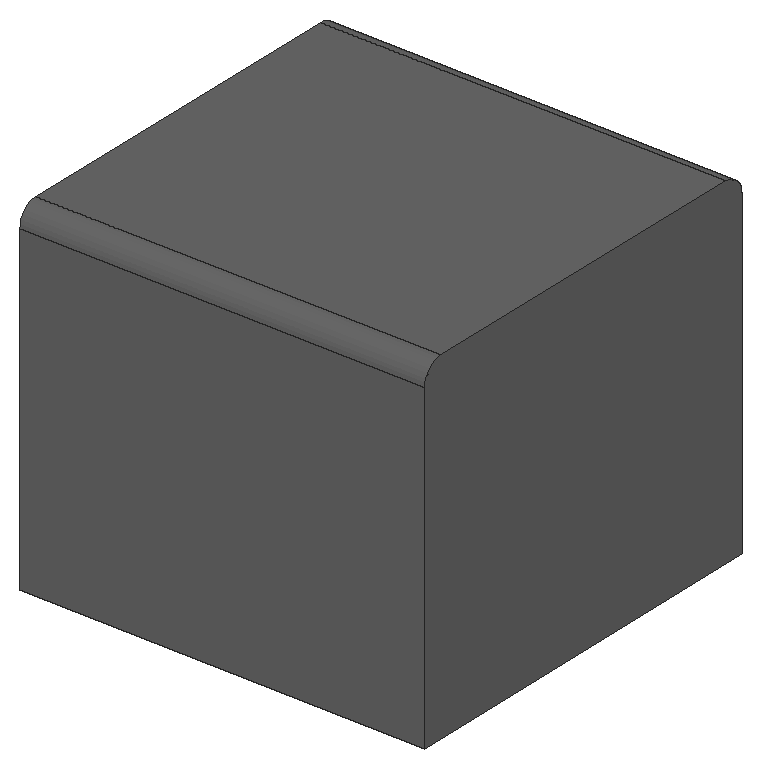
Revit family "Domotics-DomesticRanges-GEWISS-SYSTEM_CLIMATE-DAILY-WEEKLY_TIMER", category Apparecchi elettrici, host Superficie, Revit 2016
Family settings
  Host = Superficie
  Mantenere orientamento annotazione = Sì
  Tipo di parte = Normale
  Quota connettore circolare = Usa diametro
  Taglio con vuoti quando caricato = Sì
  Condiviso = Sì
  Punto di calcolo locali = Sì
Parameters (values of type "GW21825 - Dly/wkly electronic timer 1channel b")
  Volt = 230 V
  Vista in pianta [instance] = yes
  Version file RFA = "19.4"
  URL = "https://www.gewiss.com/ww/en"
  Technical sheet = "https://www.gewiss.com/ww/en/search?q=GW21825"
  TIPO = System Programmatore_GENERICO : GW21825 Programmatore elettronico giornaliero/settimanale 1 canale 230V nero
  Supply voltage = "230 V ac - 50/60 Hz"
  Simbolo [instance] = yes
  Shape = "Aligned vertical"
  SEO = "Programmer"
  Realized by GEWISS S.p.A. = ""
  Default Elevation = 1219.2 mm
  Produttore = "GEWISS S.p.A."
  Output contacts = "1NO/NC 8A(AC1)/4A(AC15) 250V ac"
  Offset presa [instance] = 0 mm
  Offset bidimensionale [instance] = 39 mm
  No. SYSTEM modules = "2"
  N. poli = 1
  Modello = "GW21825"
  Immagine tipo = GW21825.jpg
  IFC.TypeObject = ""
  IFC.ExportType = ""
  IFC.ExportAs = ""
  IDT = "13de42dd-8a5e-4a41-bce1-4adb09ffc7f1"
  IDF = "3da45d71-4361-468b-99e1-3980742295c6"
  Electrocod = "0141"
  EAN code = "8011564439818"
  Distanza_x [instance] = 0 mm
  Distanza_effettiva_y [instance] = 100 mm
  Distanza_effettiva_x [instance] = 1000 mm - Distanza_x  # 1000 mm
  Distanza orizzontale del simbolo [instance] = 48.986 mm
  Distanza dal muro [instance] = 4.208 mm
  Descrizione = "DLY/WKLY ELECTRONIC TIMER 1CHANNEL B"
  Description. = "Programmer"
  Colour = "Black"
  Catalogue Range = "SYSTEM - DOMESTIC RANGE"
  Catalogue = "DOMOTICS"
  Carico apparente = 0 VA
  COBie.Tagnumber = ""
  COBie.CreatedOn = ""
  COBie.CreatebBy = ""
  COBie.ComponentRegisterItemID = ""
  COBie.Component.TagNumber = ""
  COBie.Component.Space = ""
  COBie.Component.SerialNumber = ""
  COBie.Component.InstallationDate = ""
  COBie.Component.Description = ""
  COBie.Component.BarCode = ""
Types (2, lengths in mm): name | Technical sheet | TIPO | Shape | Modello | Immagine tipo | IDT | EAN code | Descrizione | Colour
  GW20825 - Dly/wkly electronic timer 1channel w | "https://www.gewiss.com/ww/en/search?q=GW20825" | System Programmatore_GENERICO : GW20825 Programmatore elettronico giornaliero/settimanale 1 canale 230V bianco | "Parallel horizontal" | "GW20825" | GW20825.jpg | "e1af1bd4-8086-4d62-bc87-56e2281110c1" | "8011564439801" | "DLY/WKLY ELECTRONIC TIMER 1CHANNEL W" | "White"
  GW21825 - Dly/wkly electronic timer 1channel b | "https://www.gewiss.com/ww/en/search?q=GW21825" | System Programmatore_GENERICO : GW21825 Programmatore elettronico giornaliero/settimanale 1 canale 230V nero | "Aligned vertical" | "GW21825" | GW21825.jpg | "13de42dd-8a5e-4a41-bce1-4adb09ffc7f1" | "8011564439818" | "DLY/WKLY ELECTRONIC TIMER 1CHANNEL B" | "Black"
Reference planes
  plane 1 "Centro (Fronte/Retro)": y = 0
  plane 2: z = 0
  plane 3 "Centro (Sinistra/Destra)": x = 0
  plane 4: x = -1000
  plane 5: x = 0
  plane 6: y = 100
  plane 7: z = 0
  plane 8: z = 39
Lines and regions (mm)
  Masking region 1, visible <- "Vista in pianta"
    outline origin (0, 0, 0) x (1, 0, 0) y (0, 1, 0)
      loop
        line (-23, 22.5) -> (-23, -22.5) -> (23, -22.5) -> (23, 22.5) -> (-23, 22.5)
      loop
        line (-21.103, 18.709) -> (-21.103, -8.591) -> (21.103, -8.591) -> (21.103, 18.709) -> (-21.103, 18.709)
      loop
        line (-18.523, -19.666) -> (-9.997, -19.666) -> (-9.997, -11.139) -> (-18.523, -11.139) -> (-18.523, -19.666)
      loop
        line (-9.017, -19.666) -> (-0.49, -19.666) -> (-0.49, -11.139) -> (-9.017, -11.139) -> (-9.017, -19.666)
      loop
        line (9.017, -19.666) -> (9.017, -11.139) -> (0.49, -11.139) -> (0.49, -19.666) -> (9.017, -19.666)
      loop
        line (9.997, -11.139) -> (9.997, -19.666) -> (18.523, -19.666) -> (18.523, -11.139) -> (9.997, -11.139)
  Masking region 2, visible <- "Vista in pianta"
    outline origin (0, 0, 0) x (0, 1, 0) y (0, 0, 1)
      loop
        line (-22.5, 39) -> (-22.5, 0) -> (22.5, 0) -> (22.5, 39) -> (-22.5, 39)
  Masking region 3, visible <- "Vista in pianta"
    outline origin (0, 0, 0) x (1, 0, 0) y (0, 0, 1)
      loop
        line (-23, 39) -> (-23, 0) -> (23, 0) -> (23, 39) -> (-23, 39)
Dimensions and locks
  plane 4 to plane 3 "Centro (Sinistra/Destra)" = 1000 mm
  "Distanza_effettiva_x": plane 4 to plane 5
  "Distanza_effettiva_y": plane 6 to plane 1 "Centro (Fronte/Retro)"
  "Offset presa": plane 7 to host face
  "Offset bidimensionale": plane 8 to host face
  aligned and locked: plane 2 to host face
  aligned and locked: level to host face
  aligned and locked: plane 3 "Centro (Sinistra/Destra)" to nested 1
  aligned and locked: plane 1 "Centro (Fronte/Retro)" to nested 1
  aligned and locked: plane 5 to nested 2
  aligned and locked: nested 2 to plane 6
  aligned and locked: Masking region 1 sketch curve to nested 1  (x4)
  aligned and locked: Masking region 2 sketch curve to nested 1  (x4)
  aligned and locked: Masking region 3 sketch curve to nested 1  (x4)
  aligned and locked: plane 8 to import instance
  aligned and locked: nested 1 to plane 7
Automatic sketch dimensions
  host sketch curve to host sketch curve = 2438.4 mm  (x2)
  Masking region 1 sketch curve to Masking region 1 sketch curve = 1.897 mm  (x2)
  Masking region 1 sketch curve to Masking region 1 sketch curve = 3.791 mm
  Masking region 1 sketch curve to Masking region 1 sketch curve = 2.579 mm  (x2)
  Masking region 1 sketch curve to Masking region 1 sketch curve = 2.549 mm
  Masking region 1 sketch curve to Masking region 1 sketch curve = 8.526 mm  (x3)
  Masking region 1 sketch curve to Masking region 1 sketch curve = 2.834 mm
  Masking region 1 sketch curve to Masking region 1 sketch curve = 0.98 mm  (x2)
  Masking region 1 sketch curve to Masking region 1 sketch curve = 0 mm  (x6)
  Masking region 1 sketch curve to plane 3 "Centro (Sinistra/Destra)" = 0.49 mm
  plane 3 "Centro (Sinistra/Destra)" to Masking region 1 sketch curve = 0.49 mm
Nested families
  nested 1: "System Programmatore_GENERICO" at (0, 0, 0), type <- "TIPO", type "GW21825 Programmatore elettronico giornaliero/settimanale 1 canale 230V nero", detail levels medium+fine
  nested 2: "PROGRAMMAT" at (0, 100, 0), Distanza dal muro <- "Distanza dal muro", SIMBOLO <- "Simbolo", visible <- "Simbolo", type "PROGRAMMAT"
    with SIMBOLO yes, Distanza dal muro 4.208 mm, BORDO ACCESO yes
Connectors
  electrical at (0, 0, 0), driven by "N. poli", driven by "Volt", driven by "Carico apparente"
    settings: on nested 1, index 1, voltage 230 V, apparent load 0 VA, apparent load phase1 0 VA, apparent load phase2 0 VA, apparent load phase3 0 VA, power factor 1, load classification "Altro", number of poles 1, system type 31, power factor state 1, is connector primary yes, connector utility no, sub classification motor no, connector description ""
Definition of nested family "System Programmatore_GENERICO"
  Parameters (values of type "GW20825 Programmatore elettronico giornaliero/settimanale 1 canale 230V bianco")
    Profondità presa = 39 mm
    FINITURA = none
    Altezza da Terra = 900 mm
  Types (2): name
    GW20825 Programmatore elettronico giornaliero/settimanale 1 canale 230V bianco
    GW21825 Programmatore elettronico giornaliero/settimanale 1 canale 230V nero
  Reference planes
    plane 1 "Centro (Fronte/Retro)": y = 0
    plane 2: z = 0
    plane 3 "Centro (Sinistra/Destra)": x = 0
    plane 4: z = 39
  Forms (mm)
    Extrusion 1, solid, material <- "FINITURA"
      sketch origin (0, -922.5, 39) x (0, 0, -1) y (0, 1, 0)
        loop
          line (39, 945) -> (2.3, 945)
          arc (2.3, 945) -> (0.674, 944.326) -> (0, 942.7) r 2.3
          line (0, 942.7) -> (0, 902.3)
          arc (0, 902.3) -> (0.674, 900.674) -> (2.3, 900) r 2.3
          line (2.3, 900) -> (39, 900) -> (39, 945)
      from -23 to 23
  Lines and regions (mm)
    model lines
      curve 1: arc (-20.038, 18.709, 39) -> (-20.791, 18.397, 39) -> (-21.103, 17.644, 39) r 1.065
      curve 2: arc (-21.103, -7.567, 39) -> (-20.791, -8.279, 39) -> (-20.079, -8.591, 39) r 1.066
      curve 3: arc (21.103, 17.644, 39) -> (20.791, 18.397, 39) -> (20.038, 18.709, 39) r 1.065
      curve 4: arc (20.079, -8.591, 39) -> (20.82, -8.25, 39) -> (21.103, -7.485, 39) r 1.066
      curve 5: arc (-17.995, -11.139, 39) -> (-18.368, -11.294, 39) -> (-18.523, -11.668, 39) r 0.528
      curve 6: arc (-10.525, -19.666, 39) -> (-10.151, -19.511, 39) -> (-9.997, -19.138, 39) r 0.528
      curve 7: arc (-9.997, -11.668, 39) -> (-10.151, -11.294, 39) -> (-10.525, -11.139, 39) r 0.528
      curve 8: arc (-18.523, -19.158, 39) -> (-18.369, -19.511, 39) -> (-18.015, -19.666, 39) r 0.529
      curve 9: arc (-8.488, -11.139, 39) -> (-8.862, -11.294, 39) -> (-9.017, -11.668, 39) r 0.528
      curve 10: arc (-1.018, -19.666, 39) -> (-0.645, -19.511, 39) -> (-0.49, -19.138, 39) r 0.528
      curve 11: arc (-0.49, -11.668, 39) -> (-0.645, -11.294, 39) -> (-1.018, -11.139, 39) r 0.528
      curve 12: arc (-9.017, -19.158, 39) -> (-8.862, -19.511, 39) -> (-8.509, -19.666, 39) r 0.529
      curve 13: arc (1.018, -11.139, 39) -> (0.645, -11.294, 39) -> (0.49, -11.668, 39) r 0.528
      curve 14: arc (8.488, -19.666, 39) -> (8.862, -19.511, 39) -> (9.017, -19.138, 39) r 0.528
      curve 15: arc (9.017, -11.668, 39) -> (8.862, -11.294, 39) -> (8.488, -11.139, 39) r 0.528
      curve 16: arc (0.49, -19.158, 39) -> (0.645, -19.511, 39) -> (0.998, -19.666, 39) r 0.529
      curve 17: arc (10.525, -11.139, 39) -> (10.151, -11.294, 39) -> (9.997, -11.668, 39) r 0.528
      curve 18: arc (17.995, -19.666, 39) -> (18.368, -19.511, 39) -> (18.523, -19.138, 39) r 0.528
      curve 19: arc (18.523, -11.668, 39) -> (18.368, -11.294, 39) -> (17.995, -11.139, 39) r 0.528
      curve 20: arc (9.997, -19.158, 39) -> (10.151, -19.511, 39) -> (10.505, -19.666, 39) r 0.529
      curve 21: line (20.079, -8.591, 39) -> (-20.079, -8.591, 39)
      curve 22: line (-20.038, 18.709, 39) -> (20.038, 18.709, 39)
      curve 23: line (-21.103, -7.567, 39) -> (-21.103, 17.644, 39)
      curve 24: line (21.103, -7.485, 39) -> (21.103, 17.644, 39)
      curve 25: line (-10.525, -19.666, 39) -> (-18.015, -19.666, 39)
      curve 26: line (-9.997, -11.668, 39) -> (-9.997, -19.138, 39)
      curve 27: line (-17.995, -11.139, 39) -> (-10.525, -11.139, 39)
      curve 28: line (-18.523, -19.158, 39) -> (-18.523, -11.668, 39)
      curve 29: line (-1.018, -19.666, 39) -> (-8.509, -19.666, 39)
      curve 30: line (-0.49, -11.668, 39) -> (-0.49, -19.138, 39)
      curve 31: line (-8.488, -11.139, 39) -> (-1.018, -11.139, 39)
      curve 32: line (-9.017, -19.158, 39) -> (-9.017, -11.668, 39)
      curve 33: line (8.488, -19.666, 39) -> (0.998, -19.666, 39)
      curve 34: line (9.017, -11.668, 39) -> (9.017, -19.138, 39)
      curve 35: line (1.018, -11.139, 39) -> (8.488, -11.139, 39)
      curve 36: line (0.49, -19.158, 39) -> (0.49, -11.668, 39)
      curve 37: line (17.995, -19.666, 39) -> (10.505, -19.666, 39)
      curve 38: line (18.523, -11.668, 39) -> (18.523, -19.138, 39)
      curve 39: line (10.525, -11.139, 39) -> (17.995, -11.139, 39)
      curve 40: line (9.997, -19.158, 39) -> (9.997, -11.668, 39)
      curve 41: line (-4.764, -14.095, 39) -> (-7.681, -16.72, 39)
      curve 42: line (-4.764, -14.095, 39) -> (-1.847, -16.72, 39)
      curve 43: line (4.743, -16.711, 39) -> (7.66, -14.086, 39)
      curve 44: line (4.743, -16.711, 39) -> (1.826, -14.086, 39)
  Dimensions and locks
    "Profondità presa": plane 4 to level
    aligned and locked: level to plane 2
    aligned and locked: Extrusion 1 to level
  Automatic sketch dimensions
    level to Extrusion 1 sketch curve = 0 mm
    level to Extrusion 1 sketch curve = 36.7 mm  (x2)
    Extrusion 1 sketch curve to Extrusion 1 sketch curve = 2.3 mm
    plane 1 "Centro (Fronte/Retro)" to Extrusion 1 sketch curve = 22.5 mm
    Extrusion 1 sketch curve to plane 1 "Centro (Fronte/Retro)" = 20.2 mm
    curve 37 to Extrusion 1 = 0.534 mm
    curve 33 to Extrusion 1 = 0.534 mm
    curve 29 to Extrusion 1 = 0.534 mm
    curve 25 to Extrusion 1 = 0.534 mm
    curve 16 to curve 36 = 0.508 mm
    curve 12 to curve 32 = 0.508 mm
    curve 8 to curve 28 = 0.508 mm
    curve 20 to curve 40 = 0.508 mm
    curve 25 to curve 8 = 0.528 mm
    curve 29 to curve 30 = 0.528 mm
    curve 25 to curve 6 = 0.528 mm
    curve 37 to curve 20 = 0.528 mm
    curve 37 to curve 38 = 0.528 mm
    curve 36 to curve 16 = 0.021 mm
    curve 12 to curve 12 = 0.021 mm
    curve 33 to curve 34 = 0.528 mm
    curve 43 to Extrusion 1 = 3.489 mm
    curve 41 to Extrusion 1 = 6.105 mm
    curve 20 to curve 17 = 7.47 mm
    curve 34 to curve 40 = 0 mm
    curve 17 to curve 19 = 0 mm
    curve 41 to curve 11 = 2.427 mm
    curve 11 to curve 36 = 0 mm
    curve 41 to curve 32 = 2.427 mm
    curve 7 to curve 9 = 0 mm
    curve 8 to curve 28 = 7.47 mm
    curve 5 to curve 27 = 0.528 mm
    curve 19 to curve 39 = 0.528 mm
    curve 9 to curve 31 = 0.528 mm
    curve 15 to curve 35 = 0.528 mm
    curve 27 to curve 21 = 2.549 mm
    curve 2 to curve 23 = 1.023 mm
    curve 21 to curve 4 = 1.065 mm
    curve 21 to curve 2 = 1.065 mm
    curve 4 to curve 24 = 0.041 mm
    Extrusion 1 to curve 24 = 2.556 mm
    Extrusion 1 to curve 23 = 2.556 mm
    curve 1 to curve 22 = 1.065 mm
    Extrusion 1 to curve 24 = 1.897 mm
    curve 4 to curve 21 = 1.023 mm
    Extrusion 1 to curve 38 = 4.477 mm
    curve 39 to curve 39 = 7.47 mm
    curve 20 to curve 20 = 0.528 mm
    curve 40 to curve 34 = 0.98 mm
    curve 14 to curve 44 = 3.745 mm
    curve 43 to curve 16 = 3.725 mm
    curve 43 to curve 13 = 3.725 mm
    curve 16 to curve 30 = 0.98 mm
    curve 11 to curve 42 = 3.745 mm
    curve 41 to curve 31 = 3.725 mm
    curve 12 to curve 12 = 0.528 mm
    curve 9 to curve 26 = 0.98 mm
    Extrusion 1 to curve 27 = 5.005 mm
    curve 8 to curve 8 = 0.528 mm
    Extrusion 1 to curve 2 = 2.962 mm
    curve 22 to curve 2 = 0 mm
    curve 12 to curve 41 = 2.418 mm
    curve 10 to curve 42 = 2.418 mm
    curve 44 to curve 13 = 2.418 mm
    curve 43 to curve 15 = 2.418 mm
    curve 15 to curve 43 = 0.828 mm
    curve 44 to curve 13 = 0.808 mm
    curve 10 to curve 42 = 0.828 mm
    curve 41 to curve 12 = 0.808 mm
Definition of nested family "PROGRAMMAT"
  Parameters (values of type "PROGRAMMAT")
    SIMBOLO [instance] = yes
    Distanza dal muro [instance] = 4.208 mm
    BORDO ACCESO [instance] = yes
  Reference planes
    plane 1: y = 0
    plane 2: x = 0
  Dimensions and locks
    aligned and locked: plane 1 to nested 1
  Nested families
    nested 1: "PROGRAMMAT_BASE" at (0, 0, 0), BORDO ACCESO <- "BORDO ACCESO", visible <- "SIMBOLO", type "PROGRAMMAT"
      with BORDO ACCESO yes
  Definition of nested family "PROGRAMMAT_BASE"
    Parameters (values of type "PROGRAMMAT")
      Distanza dal muro = 4.208 mm
      BORDO ACCESO [instance] = yes
    Reference planes
      plane 1: y = 0
      plane 2: x = 0
    Lines and regions (mm)
      detail lines, visible <- "BORDO ACCESO", not visible
        curve 1: line (-1.743, 9.208, 0) -> (2.057, 9.208, 0)
        curve 2: line (2.057, 9.208, 0) -> (2.057, 4.208, 0)
        curve 3: line (2.057, 4.208, 0) -> (-1.743, 4.208, 0)
        curve 4: line (-1.743, 4.208, 0) -> (-1.743, 9.208, 0)
        curve 5: line (-1.543, 9.008, 0) -> (1.857, 9.008, 0)
        curve 6: line (1.857, 9.008, 0) -> (1.857, 4.408, 0)
        curve 7: line (1.857, 4.408, 0) -> (-1.543, 4.408, 0)
        curve 8: line (-1.543, 4.408, 0) -> (-1.543, 9.008, 0)
      detail lines
        curve 9: line (-0.391, 1.577, 0) -> (-0.391, 1.309, 0)
        curve 10: line (-0.587, 1.309, 0) -> (-0.357, 1.309, 0)
        curve 11: circle (-0.391, 1.309, 0) r 0.341 normal (0, 0, 1)
        curve 12: line (-0.801, 1.83, 0) -> (0.801, 1.83, 0)
        curve 13: line (-0.801, 0.762, 0) -> (-0.801, 1.83, 0)
        curve 14: line (0.801, 0.762, 0) -> (-0.801, 0.762, 0)
        curve 15: line (0.801, 1.83, 0) -> (0.801, 0.762, 0)
        curve 16: line (0.045, 1.304, 0) -> (0.245, 1.304, 0)
        curve 17: line (0.531, 1.309, 0) -> (0.705, 1.309, 0)
        curve 18: line (0.261, 1.177, 0) -> (0.531, 1.309, 0)
